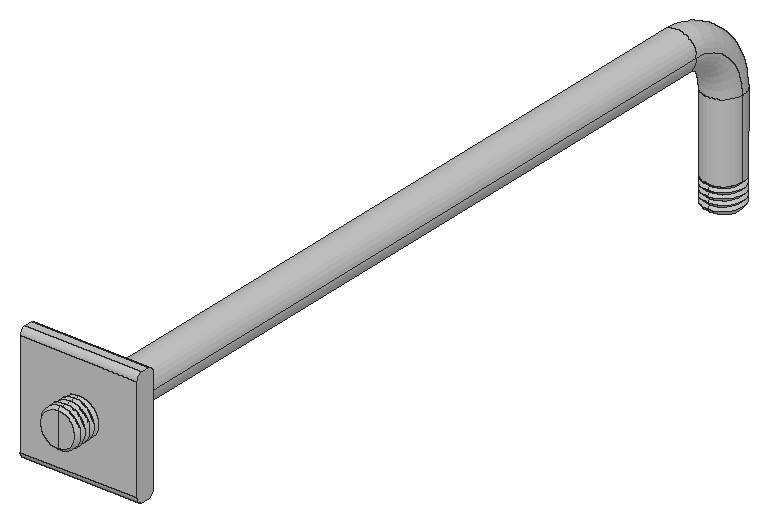
Revit family "S-2572", category Plumbing Fixtures, host Wall, Revit 2023
Family settings
  Host = Wall
  Round Connector Dimension = Use Diameter
  Part Type = Normal
  OmniClass Number = 23.45.00.00
  OmniClass Title = Sanitary, Laundry, and Cleaning Equipment
  Enable Cutting in Views = No
  Always vertical = Yes
  Cut with Voids When Loaded = No
  Maintain Annotation Orientation = No
  Shared = No
  Room Calculation Point = No
Parameters
  Default Elevation = 0"
Reference planes (in)
  plane 1: y = 0
  plane 2 "Center (Left/Right)": x = -0.47711
  plane 3 "Back": y = 3
  plane 4: y = 18.5
  plane 5: y = 18.875
Forms (in)
  Extrusion 1, solid, material "STAINLESS STEEL"
    sketch origin (-0.47711, 3, 2) x (0, 1, 0) y (0, 0, 1)
      loop
        arc (0.26688, 0) -> (0.34272, 0.04016) -> (0.375, 0.11966) r 0.12545
        line (0.375, 0.11966) -> (0.375, 2.13034)
        arc (0.375, 2.13034) -> (0.34272, 2.20984) -> (0.26688, 2.25) r 0.12545
        line (0.26688, 2.25) -> (0.10812, 2.25)
        arc (0.10812, 2.25) -> (0.03228, 2.20984) -> (0, 2.13034) r 0.12545
        line (0, 2.13034) -> (0, 0.11966)
        arc (0, 0.11966) -> (0.03228, 0.04016) -> (0.10812, 0) r 0.12545
        line (0.10812, 0) -> (0.26688, 0)
    from -1.125 to 1.125
  Sweep 2, solid, material "STAINLESS STEEL"
    path origin (-0.47711, 2.5, 2) x (0, 1, 0) y (0, 0, 1)
      loop
        line (0.875, 1.125) -> (14.875, 1.125)
        arc (14.875, 1.125) -> (15.6705, 0.7955) -> (16, 0) r 1.125
        line (16, 0) -> (16, -1.5)
    profile origin (-0.47711, 10.375, 3.125) x (0, 0, 1) y (1, 0, 0)
      loop
        circle (0, 0) r 0.375
  Revolve 3, solid, material "STAINLESS STEEL"
    sketch origin (-0.47711, 4.5, 19.125) x (0, 0, -1) y (0, 1, 0)
      loop
        line (15.67218, -2) -> (16, -2) -> (16, -1.5) -> (15.625, -1.5) -> (15.67908, -1.55408) -> (15.625, -1.60816) -> (15.67908, -1.66223) -> (15.625, -1.71631) -> (15.67908, -1.77039) -> (15.625, -1.82447) -> (15.67908, -1.87855) -> (15.625, -1.93262) -> (15.67218, -2)
      axis (16, -1.5) -> (16, -2)
    angle from 0 to 360
  Revolve 4, solid, material "STAINLESS STEEL"
    sketch origin (-0.47711, 2.5, 2) x (0, 1, 0) y (0, 0, 1)
      loop
        line (15.67218, -2) -> (16, -2) -> (16, -1.5) -> (15.625, -1.5) -> (15.67908, -1.55408) -> (15.625, -1.60816) -> (15.67908, -1.66223) -> (15.625, -1.71631) -> (15.67908, -1.77039) -> (15.625, -1.82447) -> (15.67908, -1.87855) -> (15.625, -1.93262) -> (15.67218, -2)
      axis (16, -1.5) -> (16, -2)
    angle from 0 to 360
Lines and regions (in)
  model lines
    curve 1: line (-0.47711, 10.5721, 2.71875) -> (-0.47711, 10.5721, 3.53125)
    curve 2: line (-0.47711, 2.375, 3.125) -> (-0.47711, 10.5721, 3.125)
  symbolic lines
    curve 3: line (-0.47711, 18.5, 0) -> (-0.47711, 20.04511, -2.5715)
    curve 4: line (-0.47711, 20.04511, -2.5715) -> (-0.47711, 23.79511, -2.5715)
    curve 5: line (-0.47711, 2.5, 3.45282) -> (-0.47711, -1.18564, 6.23015)
    curve 6: line (-0.47711, -1.18564, 6.23015) -> (-0.47711, -4.18564, 6.23015)
Text (in)
  text "Placement Side" at (0, 40.15149, 123.01588), in view "Right"
  text "Placement Side" at (-70.3804, 45.82615, 0), in view "Ref. Level"
  text "Placement Side" at (0, 47.49176, 113.10569), in view "Left"
  text "1/2\"- 14 NPT\nMALE THREADING" at (0, 27.65429, -2.30706), in view "Left"
  text "1/2\"- 14 NPT\nMALE THREADING" at (0, -4.38832, 6.57178), in view "Left"
Dimensions and locks (in)
  locked: plane 3 "Back" to host wall
  level to Extrusion 1 = 4 1/4"
  Extrusion 1 to Extrusion 1 = 2 1/4"  (x2)
  plane 4 to Revolve 3 = 16"
  plane 5 to Revolve 3 = 16 3/8"
